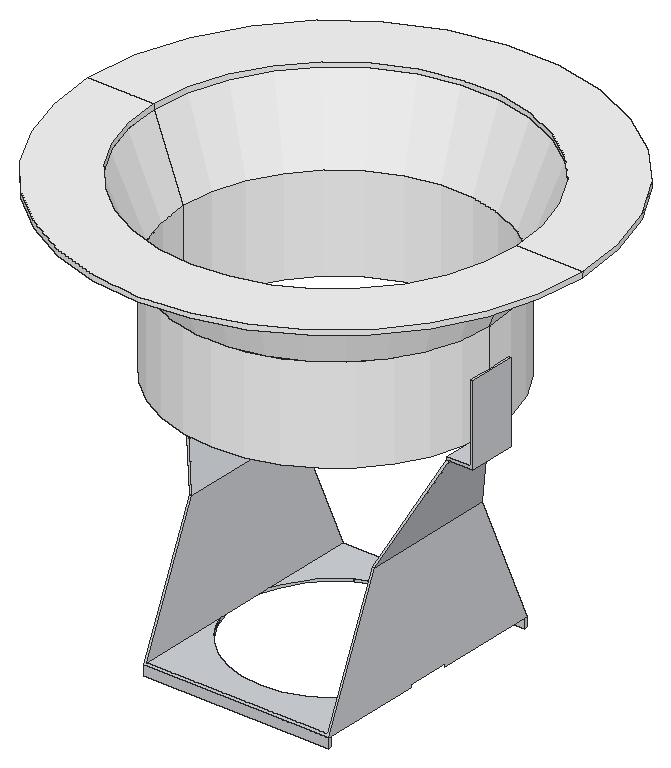
Revit family "Lutron-S30_Downlight_Trim", category Lighting Fixtures, host Face, Revit 2019
Family settings
  Host = Face
  Round Connector Dimension = Use Radius
  Part Type = Normal
  OmniClass Number = 23.80.70.11.14.11
  OmniClass Title = Downlights
  Cut with Voids When Loaded = Yes
  Light Source = No
  Shared = No
  Room Calculation Point = No
Parameters (values of type "UN-S30A-TM5K-CWH")
  Width = 0' - 6 1/2"  # constant formula
  Warranty URL = "http://www.lutron.com/en-US/Service-Support/Pages/Service/Warranty/Warranty.aspx"
  Video Link = "https://www.youtube.com/channel/UCoi0s4m2bA8ay4c_NMBYIDQ"
  Version = "2019 - v1.0a"  # constant formula
  Type Comments = ""
  Trim Thickness [instance] = 0' - 0 1/16"  # constant formula
  Trim Hole Diameter [instance] = 0' - 4 197/256"  # constant formula
  Trim Diameter [instance] = 0' - 6 1/2"  # constant formula
  Support Phone = "(224) 699-9545"  # constant formula
  Support Email = "mailto: support@anguleris.com"
  Product Page URL = "https://www.ketra.com/led-lighting-products/lamp-solutions/s30-downlight-trim"
  Product Name = "S30 Downlight Trim"  # constant formula
  Product Documentation Link = "https://www.ketra.com/hubfs/S30_Spec_3662601a.pdf"
  Performance URL = ""
  URL = "https://www.ketra.com/"
  Series = "Ketra"  # constant formula
  Model = "UN-S30A-TM5K-CWH"
  Material = ""
  Manufacturer Phone Number = "610-282-3800"  # constant formula
  Manufacturer Fax Number = "610-282-1243"  # constant formula
  Manufacturer Email = "lightingsupport@lutron.com"
  Manufacturer Address = "7200 Suter Rd, Coopersburg, PA 18036"  # constant formula
  Manufacturer = "Lutron Electronics Co., Inc"  # constant formula
  Keynote = "26 51 00"
  Instruction Sheet Link = "https://www.ketra.com/hubfs/3662621a_S30%20Install.pdf"
  Height = 0' - 6 1/2"  # constant formula
  Finish = Metal - Lutron - WH - White
  Description = "The S30 Downlight Trim is designed with a 4 in (101.6 mm) aperture that can be used with a Halo 5 inch new construction recessed housing to integrate the Ketra PAR 30 long neck lamps into new construction projects. Only compatible with the 800 lumen option of the Ketra PAR 30 lamp."  # constant formula
  Depth = 0' - 5 39/64"  # constant formula
  Default Elevation = 0' - 0"  # constant formula
  Cost Info = ""
  Cost = 0
  Copyright = "© 2021 Lutron Electronics Co., Inc."  # constant formula
  Cone Void Diameter at Opening [instance] = 0' - 4 197/256"  # constant formula
  Cone Void Diameter at Bulb [instance] = 0' - 4"  # constant formula
  Cone Depth [instance] = 0' - 1"  # constant formula
  Cone Diameter [instance] = 0' - 4 213/256"  # constant formula
  Bracket Top Profile Width [instance] = 0' - 3 1/4"  # constant formula
  Bracket Top Profile Length [instance] = 0' - 2 7/16"  # constant formula
  Bracket Thickness [instance] = 0' - 0 1/32"  # constant formula
  Bracket Side [instance] = 0' - 4 1/16"  # constant formula
  Bracket Lip Depth [instance] = 0' - 0 1/8"  # constant formula
  Bracket Intermediate Profile Width [instance] = 0' - 1 3/4"  # constant formula
  Bracket Intermediate Profile Depth [instance] = 0' - 1 205/256"  # constant formula
  Bracket Bottom of Attatchment [instance] = 0' - 0 1/2"  # constant formula
  Bracket Bottom Profile Width [instance] = 0' - 0 5/8"  # constant formula
  Bracket Bottom Profile Length [instance] = 0' - 3 1/2"  # constant formula
  Bracket Bottom Profile Depth [instance] = 0' - 3"  # constant formula
  Body Diameter [instance] = 0' - 4 1/16"  # constant formula
  Body Depth [instance] = 0' - 1 1/4"  # constant formula
  Assembly Code = "D5020200"
Types (5): name | Model | Finish
  UN-S30A-TM5K-PWH | "UN-S30A-TM5K-PWH" | Metal - Lutron - WH - White
  UN-S30A-TM5K-PBK | "UN-S30A-TM5K-PBK" | Metal - Lutron - BL - Black
  UN-S30A-TM5K-PSR | "UN-S30A-TM5K-PSR" | Metal - Lutron - SI - Metallic Silver
  UN-S30A-TM5K-PBZ | "UN-S30A-TM5K-PBZ" | Metal - Lutron - BR - Metallic Bronze
  UN-S30A-TM5K-CWH | "UN-S30A-TM5K-CWH" | Metal - Lutron - WH - White
Reference planes (in)
  plane 1 "Center (Front/Back)": y = 0
  plane 2: z = 0
  plane 3 "Center (Left/Right)": x = 0
  plane 4: x = 1.75
  plane 5: x = -1.75
  plane 6: z = 0.0625
  plane 7: z = -5.54688
  plane 8: z = -1
  plane 9: z = -2.25
  plane 10: x = -1.21875
  plane 11: x = 1.21875
  plane 12: y = 1.625
  plane 13: y = -1.625
  plane 14: y = -0.3125
  plane 15: y = 0.3125
  plane 16: y = 0.875
  plane 17: y = -0.875
  plane 18: z = -2.54688
  plane 19: z = -3.74609
  plane 20: z = -5.42188
  plane 21: z = -5.39063
  plane 22: x = -1.1875
  plane 23: x = 1.1875
  plane 24: y = 1.59375
  plane 25: y = -1.59375
  plane 26: x = -2.0625
  plane 27: x = 2.0625
  plane 28: z = -2.51563
  plane 29: x = -2.03125
  plane 30: x = 2.03125
  plane 31: x = -1.71875
  plane 32: x = 1.71875
  plane 33: z = -1.5
Forms (in)
  Blend 1, solid
    base sketch origin (0, 0, 0) x (1, 0, 0) y (0, 1, 0)
      loop
        line (-1.21875, 1.625) -> (-1.21875, -1.625) -> (1.21875, -1.625) -> (1.21875, 1.625) -> (-1.21875, 1.625)
    top sketch origin (0, 0, 0) x (1, 0, 0) y (0, 1, 0)
      loop
        line (-1.21875, 0.875) -> (-1.21875, -0.875) -> (1.21875, -0.875) -> (1.21875, 0.875) -> (-1.21875, 0.875)
    from -5.42188 to -3.74609
  Blend 2, solid
    base sketch origin (0.29872, 0, 0) x (1, 0, 0) y (0, 1, 0)
      loop
        line (-1.51747, 0.875) -> (-1.51747, -0.875) -> (0.92003, -0.875) -> (0.92003, 0.875) -> (-1.51747, 0.875)
    top sketch origin (0.29872, 0, 0) x (1, 0, 0) y (0, 1, 0)
      loop
        line (-2.04872, 0.3125) -> (-2.04872, -0.3125) -> (1.45128, -0.3125) -> (1.45128, 0.3125) -> (-2.04872, 0.3125)
    from -3.74609 to -2.54688
  Extrusion 3, void
    sketch origin (0, 0, 0) x (1, 0, 0) y (0, 0, 1)
      loop
        line (-1.1875, -3.74609) -> (-1.1875, -5.39062) -> (1.1875, -5.39062) -> (1.1875, -3.74609) -> (-1.1875, -3.74609)
    from -1.625 to 1.625
  Extrusion 4, void
    sketch origin (0, 0, 0) x (1, 0, 0) y (0, 1, 0)
      loop
        circle (0, 0) r 1.25
    from -5.54688 to -5.39063
  Extrusion 5, void
    sketch origin (0, 0, 0) x (1, 0, 0) y (0, 0, 1)
      loop
        line (-1.71883, -2.54688) -> (-1.18758, -3.74609) -> (1.18758, -3.74609) -> (1.71883, -2.54688) -> (-1.71883, -2.54688)
    from -1.625 to 1.625
  Extrusion 6, solid
    sketch origin (0, 0, 0) x (1, 0, 0) y (0, 1, 0)
      loop
        line (-1.21875, 1.625) -> (-1.21875, 1.59375) -> (1.21875, 1.59375) -> (1.21875, 1.625) -> (-1.21875, 1.625)
      loop
        line (-1.21875, -1.59375) -> (-1.21875, -1.625) -> (1.21875, -1.625) -> (1.21875, -1.59375) -> (-1.21875, -1.59375)
    from -5.54688 to -5.42188
  Extrusion 7, solid
    sketch origin (0, 0, 0) x (1, 0, 0) y (0, 0, 1)
      loop
        line (-2.0625, -1.5) -> (-2.0625, -2.54688) -> (-1.71875, -2.54688) -> (-1.71875, -2.51563) -> (-2.03125, -2.51563) -> (-2.03125, -1.5) -> (-2.0625, -1.5)
      loop
        line (2.03125, -1.5) -> (2.03125, -2.51562) -> (1.71875, -2.51563) -> (1.71875, -2.54688) -> (2.0625, -2.54688) -> (2.0625, -1.5) -> (2.03125, -1.5)
    from -0.3125 to 0.3125
  Revolve 8, solid, material "Metal - Lutron - WH - White" <- "Finish"
    sketch origin (0, 0, 0) x (1, 0, 0) y (0, 0, 1)
      loop
        line (-3.25, 0) -> (-2.41602, 0) -> (-2.03125, -1) -> (-2.03125, -2.25) -> (-2, -2.25) -> (-2, -1) -> (-2.38477, 0) -> (-2.38477, 0.0625) -> (-3.25, 0.0625) -> (-3.25, 0)
      axis (0, 0.0625) -> (0, -2.25)
    angle from 0 to 360
  Extrusion 9, void
    sketch origin (0, 0, 0) x (1, 0, 0) y (0, 1, 0)
      loop
        circle (0, 0) r 2.41602
    from 0 to -5.54688
Cuts and joins
  Extrusion 3, Extrusion 4 cuts Blend 1
  Extrusion 3, Extrusion 5 cuts Blend 2
Dimensions and locks (in)
  equal spacing: host sketch curve, plane 1 "Center (Front/Back)", host sketch curve
  equal spacing: host sketch curve, plane 3 "Center (Left/Right)", host sketch curve
  "Trim Thickness": plane 6 to level
  "Depth": plane 6 to plane 7
  "Cone Depth": level to plane 8
  "Body Depth": plane 8 to plane 9
  equal spacing: plane 5, plane 3 "Center (Left/Right)", plane 4
  "Bracket Bottom Profile Length": plane 5 to plane 4
  equal spacing: plane 14, plane 1 "Center (Front/Back)", plane 15
  "Bracket Bottom Profile Width": plane 14 to plane 15
  equal spacing: plane 10, plane 3 "Center (Left/Right)", plane 11
  "Bracket Top Profile Length": plane 10 to plane 11
  equal spacing: plane 12, plane 1 "Center (Front/Back)", plane 13
  "Bracket Top Profile Width": plane 12 to plane 13
  equal spacing: plane 16, plane 1 "Center (Front/Back)", plane 17
  "Bracket Intermediate Profile Width": plane 16 to plane 17
  "Bracket Bottom Profile Depth": plane 18 to plane 7
  "Bracket Intermediate Profile Depth": plane 19 to plane 7
  "Bracket Lip Depth": plane 20 to plane 7
  "Bracket Thickness": plane 21 to plane 20
  "Bracket Thickness": plane 10 to plane 22
  "Bracket Thickness": plane 11 to plane 23
  "Bracket Thickness": plane 12 to plane 24
  "Bracket Thickness": plane 13 to plane 25
  "Bracket Thickness": plane 28 to plane 18
  equal spacing: plane 30, plane 3 "Center (Left/Right)", plane 29
  "Bracket Side": plane 30 to plane 29
  "Bracket Thickness": plane 29 to plane 26
  "Bracket Thickness": plane 30 to plane 27
  "Bracket Thickness": plane 5 to plane 31
  "Bracket Thickness": plane 32 to plane 4
  "Bracket Bottom of Attatchment": plane 8 to plane 33
  Revolve 8 sketch curve to plane 29 to Revolve 8 sketch curve to Revolve 8 sketch curve to Revolve 8 sketch curve = 0' - 0 1/32" locked, 0' - 0.35352" locked, 0' - 0 1/32" locked, 0' - 0.83398" locked
  Extrusion 5 sketch curve to Extrusion 5 sketch curve to plane 3 "Center (Left/Right)" to Extrusion 5 sketch curve to Extrusion 5 sketch curve = 0' - 0 17/32" locked, 0' - 1.18758" locked, 0' - 1.18758" locked, 0' - 0 17/32" locked
  aligned and locked: plane 2 to host face
  aligned and locked: level to host face
  aligned and locked: Blend 1 sketch curve to plane 12
  aligned and locked: plane 10 to Blend 1 sketch curve  (x2)
  aligned and locked: plane 13 to Blend 1 sketch curve
  aligned and locked: Blend 1 sketch curve to plane 11  (x2)
  aligned and locked: Blend 1 sketch curve to plane 16
  aligned and locked: Blend 1 sketch curve to plane 17
  aligned and locked: plane 19 to Blend 1
  aligned and locked: plane 10 to Blend 2 sketch curve
  aligned and locked: Blend 2 sketch curve to plane 16
  aligned and locked: Blend 2 sketch curve to plane 11
  aligned and locked: Blend 2 sketch curve to plane 17
  aligned and locked: plane 15 to Blend 2 sketch curve
  aligned and locked: Blend 2 sketch curve to plane 5
  aligned and locked: plane 14 to Blend 2 sketch curve
  aligned and locked: Blend 2 sketch curve to plane 4
  aligned and locked: Blend 2 to plane 19
  aligned and locked: plane 18 to Blend 2
  aligned and locked: Blend 1 to plane 20
  aligned and locked: Extrusion 3 sketch curve to plane 19
  aligned and locked: Extrusion 3 sketch curve to plane 23
  aligned and locked: plane 21 to Extrusion 3 sketch curve
  aligned and locked: Extrusion 3 sketch curve to plane 22
  aligned and locked: plane 12 to Extrusion 3
  aligned and locked: Extrusion 3 to plane 13
  aligned and locked: Extrusion 4 to plane 7
  aligned and locked: plane 21 to Extrusion 4
  aligned and locked: plane 12 to Extrusion 5
  aligned and locked: Extrusion 5 to plane 13
  aligned and locked: Extrusion 6 sketch curve to plane 12
  aligned and locked: plane 10 to Extrusion 6 sketch curve  (x2)
  aligned and locked: plane 24 to Extrusion 6 sketch curve
  aligned and locked: Extrusion 6 sketch curve to plane 11  (x2)
  aligned and locked: plane 13 to Extrusion 6 sketch curve
  aligned and locked: plane 25 to Extrusion 6 sketch curve
  aligned and locked: Extrusion 6 to plane 7
  aligned and locked: plane 20 to Extrusion 6
  aligned and locked: plane 31 to Extrusion 7 sketch curve
  aligned and locked: Extrusion 7 sketch curve to plane 18  (x2)
  aligned and locked: plane 28 to Extrusion 7 sketch curve  (x2)
  aligned and locked: plane 29 to Extrusion 7 sketch curve
  aligned and locked: Extrusion 7 sketch curve to plane 26
  aligned and locked: plane 32 to Extrusion 7 sketch curve
  aligned and locked: plane 30 to Extrusion 7 sketch curve
  aligned and locked: plane 27 to Extrusion 7 sketch curve
  aligned and locked: Extrusion 7 to plane 15
  aligned and locked: Extrusion 7 to plane 14
  aligned and locked: plane 33 to Extrusion 7 sketch curve  (x2)
  aligned and locked: plane 3 "Center (Left/Right)" to Extrusion 4 sketch curve
  aligned and locked: plane 1 "Center (Front/Back)" to Extrusion 4 sketch curve
  aligned and locked: Extrusion 5 sketch curve to plane 18
  aligned and locked: plane 19 to Extrusion 5 sketch curve
  aligned and locked: Revolve 8 sketch curve to plane 3 "Center (Left/Right)"
  aligned and locked: plane 8 to Revolve 8 sketch curve
  aligned and locked: plane 6 to Revolve 8 sketch curve
  aligned and locked: Revolve 8 sketch curve to plane 2
  aligned and locked: plane 29 to Revolve 8 sketch curve
  aligned and locked: plane 9 to Revolve 8 sketch curve
  aligned and locked: Revolve 8 sketch curve to plane 6
  aligned and locked: plane 3 "Center (Left/Right)" to Extrusion 9 sketch curve
  aligned and locked: plane 1 "Center (Front/Back)" to Extrusion 9 sketch curve
  aligned and locked: Extrusion 9 to plane 7
  aligned and locked: level to Extrusion 9
Automatic sketch dimensions
  Revolve 8 sketch curve to plane 8 = 0' - 0"  (x2)
  Revolve 8 sketch curve to level = 0' - 0"
  radius of Extrusion 4 sketch curve = 0' - 1 1/4"
  radius of Extrusion 9 sketch curve = 0' - 2.41602"
